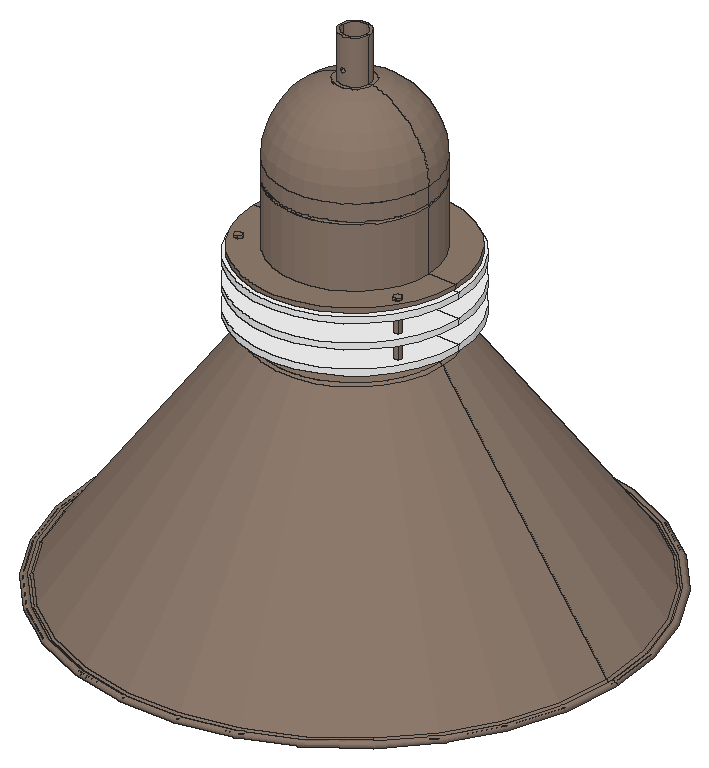
Revit family "BVA3006", category Generic Models, Revit 2014
Parameters
  DETAIL = Bronze, Architectural
  CLEAR FINS = Acrylic
  BELL = Bronze, Architectural
Reference planes (in)
  plane 1 "Center (Front/Back)": y = 0
  plane 2: z = 0
  plane 3 "Center (Left/Right)": x = 0
Forms (in)
  Revolve 1, solid, material "Bronze, Architectural" <- "BELL"
    sketch origin (0, 0, 6.66097) x (1, 0, 0) y (0, 0, 1)
      loop
        line (-0.69, 19.49004) -> (-1.0625, 19.49004)
        arc (-1.0625, 19.49004) -> (-3.35992, 17.97758) -> (-4.25, 15.375) r 4.25
        line (-4.25, 15.375) -> (-4.25, 14.4375)
        arc (-4.25, 14.4375) -> (-4.21143, 14.375) -> (-4.25, 14.3125) r 0.06992
        line (-4.25, 14.3125) -> (-4.25, 10.875) -> (-4.125, 10.875) -> (-4.125, 14.2586)
        arc (-4.125, 14.2586) -> (-4.08643, 14.375) -> (-4.125, 14.4914) r 0.19492
        line (-4.125, 14.4914) -> (-4.125, 15.375)
        arc (-4.125, 15.375) -> (-3.26592, 17.8948) -> (-1.0465, 19.36504) r 4.125
        line (-1.0465, 19.36504) -> (-0.69, 19.36504) -> (-0.69, 19.49004)
      axis (0, 19.49004) -> (0, 10.875)
    angle from 0 to 360
  Revolve 2, solid, material "Bronze, Architectural" <- "BELL"
    sketch origin (0, 0, 6.66097) x (1, 0, 0) y (0, 0, 1)
      loop
        line (-4.125, 10.875) -> (-5.8125, 10.875) -> (-5.8125, 10.625) -> (-4.125, 10.625) -> (-4.125, 10.875)
      axis (0, 10.875) -> (0, 10.625)
    angle from 0 to 360
  Revolve 3, solid, material "Bronze, Architectural" <- "BELL"
    sketch origin (0, 0, 6.66097) x (1, 0, 0) y (0, 0, 1)
      loop
        line (-4.02812, 10.625) -> (-4.02812, 6.5) -> (-4.87357, 6.5)
        arc (-4.87357, 6.5) -> (-4.98639, 6.47309) -> (-5.07493, 6.39816) r 0.25
        line (-5.07493, 6.39816) -> (-14.5, -6.41097)
        arc (-14.5, -6.41097) -> (-14.55727, -6.46813) -> (-14.62479, -6.51272) r 0.40382
        arc (-14.62479, -6.51272) -> (-14.76104, -6.55841) -> (-14.90384, -6.57457) r 0.68269
        arc (-14.90384, -6.57457) -> (-14.93531, -6.5233) -> (-14.87529, -6.51932) r 0.03513
        line (-14.87529, -6.51932) -> (-14.7728, -6.44776)
        arc (-14.7728, -6.44776) -> (-15.04635, -6.46591) -> (-14.90294, -6.69956) r 0.16013
        arc (-14.90294, -6.69956) -> (-14.73238, -6.68009) -> (-14.56979, -6.62501) r 0.80769
        arc (-14.56979, -6.62501) -> (-14.4783, -6.56502) -> (-14.40111, -6.48749) r 0.52882
        line (-14.40111, -6.48749) -> (-4.97425, 6.32408)
        arc (-4.97425, 6.32408) -> (-4.92998, 6.36155) -> (-4.87357, 6.375) r 0.125
        line (-4.87357, 6.375) -> (-3.90312, 6.375) -> (-3.90312, 10.625) -> (-3.90312, 10.875) -> (-4.125, 10.875) -> (-4.125, 10.625) -> (-4.02812, 10.625)
      axis (0, 10.875) -> (0, -6.69956)
    angle from 0 to 360
  Revolve 4, solid, material "Acrylic" <- "CLEAR FINS"
    sketch origin (0, 0, 6.66097) x (1, 0, 0) y (0, 0, 1)
      loop
        line (-4.02812, 10.53125) -> (-6, 10.53125) -> (-6, 10.1875) -> (-4.02812, 10.1875) -> (-4.02812, 10.53125)
      loop
        line (-4.02812, 9.1875) -> (-6, 9.1875) -> (-6, 8.84375) -> (-4.02812, 8.84375) -> (-4.02812, 9.1875)
      loop
        line (-4.02812, 7.84375) -> (-6, 7.84375) -> (-6, 7.5) -> (-4.02812, 7.5) -> (-4.02812, 7.84375)
      axis (0, 10.53125) -> (0, 7.5)
    angle from 0 to 360
  Revolve 5, solid, material "Bronze, Architectural" <- "DETAIL"
    sketch origin (0, 0, 6.66097) x (0, -1, 0) y (0, 0, 1)
      loop
        line (-5.28051, 7.5) -> (-5.28051, 10.875) -> (-5.46801, 10.875) -> (-5.46801, 7.5) -> (-5.28051, 7.5)
      axis (-5.28051, 10.875) -> (-5.28051, 7.5)
    angle from 0 to 360
  Revolve 6, solid, material "Bronze, Architectural" <- "BELL"
    sketch origin (0, 0, 6.66097) x (1, 0, 0) y (0, 0, 1)
      loop
        line (-0.83, 21.99004) -> (-0.83, 19.49004) -> (-0.69, 19.49004) -> (-0.69, 21.99004) -> (-0.83, 21.99004)
      axis (0, 21.99004) -> (0, 19.49004)
    angle from 0 to 360
  Extrusion 7, void
    sketch origin (0, 0, 6.66097) x (1, 0, 0) y (0, 0, 1)
      loop
        circle (0, 20.24004) r 0.12446
    from -0.88595 to 0.88079
  Extrusion 8, solid, material "Bronze, Architectural" <- "DETAIL"
    sketch origin (0, 0, 6.66097) x (0, -1, 0) y (1, 0, 0)
      loop
        line (-5.09301, 0.10825) -> (-5.28051, 0.21651) -> (-5.46801, 0.10825) -> (-5.46801, -0.10825) -> (-5.28051, -0.21651) -> (-5.09301, -0.10825) -> (-5.09301, 0.10825)
    from 10.875 to 11
  Extrusion 9, solid, material "Bronze, Architectural" <- "DETAIL"
    sketch origin (0, 0, 6.66097) x (0, -1, 0) y (1, 0, 0)
      loop
        line (-5.09301, 0.10825) -> (-5.28051, 0.21651) -> (-5.46801, 0.10825) -> (-5.46801, -0.10825) -> (-5.28051, -0.21651) -> (-5.09301, -0.10825) -> (-5.09301, 0.10825)
    from 7.375 to 7.5
  Revolve 10, solid, material "Bronze, Architectural" <- "DETAIL"
    sketch origin (0, 0, 6.66097) x (-0.866025, 0.5, 0) y (0, 0, 1)
      loop
        line (-5.28051, 7.5) -> (-5.28051, 10.875) -> (-5.46801, 10.875) -> (-5.46801, 7.5) -> (-5.28051, 7.5)
      axis (-5.28051, 10.875) -> (-5.28051, 7.5)
    angle from 0 to 360
  Extrusion 11, solid, material "Bronze, Architectural" <- "DETAIL"
    sketch origin (0, 0, 6.66097) x (-0.866025, 0.5, 0) y (-0.5, -0.866025, 0)
      loop
        line (-5.09301, 0.10825) -> (-5.28051, 0.21651) -> (-5.46801, 0.10825) -> (-5.46801, -0.10825) -> (-5.28051, -0.21651) -> (-5.09301, -0.10825) -> (-5.09301, 0.10825)
    from 10.875 to 11
  Extrusion 12, solid, material "Bronze, Architectural" <- "DETAIL"
    sketch origin (0, 0, 6.66097) x (-0.866025, 0.5, 0) y (-0.5, -0.866025, 0)
      loop
        line (-5.09301, 0.10825) -> (-5.28051, 0.21651) -> (-5.46801, 0.10825) -> (-5.46801, -0.10825) -> (-5.28051, -0.21651) -> (-5.09301, -0.10825) -> (-5.09301, 0.10825)
    from 7.375 to 7.5
  Revolve 13, solid, material "Bronze, Architectural" <- "DETAIL"
    sketch origin (0, 0, 6.66097) x (0.866025, 0.5, 0) y (0, 0, 1)
      loop
        line (-5.28051, 7.5) -> (-5.28051, 10.875) -> (-5.46801, 10.875) -> (-5.46801, 7.5) -> (-5.28051, 7.5)
      axis (-5.28051, 10.875) -> (-5.28051, 7.5)
    angle from 0 to 360
  Extrusion 14, solid, material "Bronze, Architectural" <- "DETAIL"
    sketch origin (0, 0, 6.66097) x (0.866025, 0.5, 0) y (-0.5, 0.866025, 0)
      loop
        line (-5.09301, 0.10825) -> (-5.28051, 0.21651) -> (-5.46801, 0.10825) -> (-5.46801, -0.10825) -> (-5.28051, -0.21651) -> (-5.09301, -0.10825) -> (-5.09301, 0.10825)
    from 10.875 to 11
  Extrusion 15, solid, material "Bronze, Architectural" <- "DETAIL"
    sketch origin (0, 0, 6.66097) x (0.866025, 0.5, 0) y (-0.5, 0.866025, 0)
      loop
        line (-5.09301, 0.10825) -> (-5.28051, 0.21651) -> (-5.46801, 0.10825) -> (-5.46801, -0.10825) -> (-5.28051, -0.21651) -> (-5.09301, -0.10825) -> (-5.09301, 0.10825)
    from 7.375 to 7.5
Cuts and joins
  Extrusion 7 cuts Revolve 6
Dimensions and locks (in)
  aligned and locked: plane 2 to level
